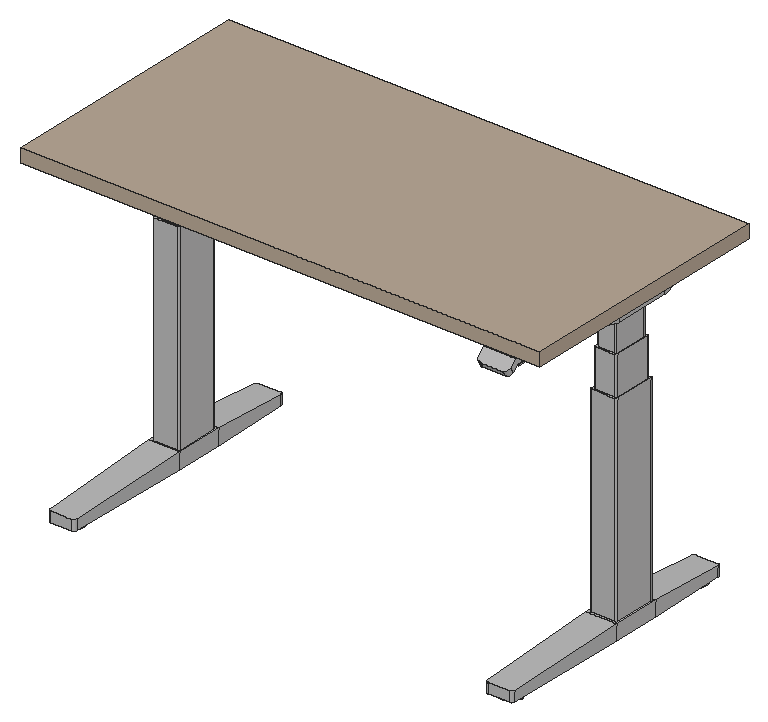
Revit family "Table-Teknion-JNHTRF-Navigate_Height_Adjustable_Rectangular-2018", category Furniture, Revit 2018
Family settings
  OmniClass Number = 23.40.20.00
  OmniClass Title = General Furniture and Specialties
  Work Plane-Based = No
  Always vertical = Yes
  Cut with Voids When Loaded = No
  Shared = Yes
  Room Calculation Point = No
Parameters (values of type "C-Legs, User Optimized Width Configuration")
  Right Recessed Base [instance] = no
  Right Leg Offset [instance] = if(U, 2.242", if(Centered Base, 5.242", if(Right Recessed Base, 2.250", 8.250")))  # 2.242"
  Left Leg Offset [instance] = if(U, 2.242", if(Centered Base, 5.242", if(Left Recessed Base, 2.250", 8.250")))  # 2.242"
  Left Recessed Base [instance] = no
  Dia Cutout Offset [instance] = if(CC, 14.358", 3.358")  # 14.358"
  DR Cut [instance] = if(Right Diamond Cutout, 3.000", if(Right Diamond & Square Cutout, if(Actual Width = 49.000", 3.000", 1.000"), 1.000"))  # 1.000"
  Right Diamond Cutout [instance] = no
  DL Cut [instance] = if(Left Diamond Cutout, 3.000", if(Left Diamond & Square Cutout, if(Actual Width = 49.000", 3.000", 1.000"), 1.000"))  # 1.000"
  Left Diamond Cutout [instance] = no
  Right Square Cutout [instance] = no
  Sq Cutout Offset [instance] = if(CC, if(Actual Width = 46.000", 14.053", 15.553"), 4.553")  # 14.053"
  SR Cut [instance] = if(Right Square Cutout, 3.000", if(Right Diamond & Square Cutout, if(Actual Width = 49.000", 1.000", 3.000"), 1.000"))  # 1.000"
  Left Square Cutout [instance] = no
  Worksurface Finish [instance] = Veneer - Teknion - 5N - Flintwood - White Oak
  Worksurface Cutout Syle Note [instance] = "Select one of the Worksurface Cutout options below"  # constant formula
  U = yes
  SL Cut [instance] = if(Left Square Cutout, 3.000", if(Left Diamond & Square Cutout, if(Actual Width = 49.000", 1.000", 3.000"), 1.000"))  # 1.000"
  SC Cut [instance] = if(Center Square Cutout, 3.000", if(or(Left Diamond & Square Cutout, Right Diamond & Square Cutout), if(Actual Width = 49.000", 3.000", 1.000"), 1.000"))  # 1.000"
  DC Cut [instance] = if(Center Diamond Cutout, 3.000", if(or(Left Diamond & Square Cutout, Right Diamond & Square Cutout), if(Actual Width = 49.000", 1.000", 3.000"), 1.000"))  # 1.000"
  Centered Base [instance] = yes
  Center Diamond Cutout [instance] = no
  Center Square Cutout [instance] = no
  S = no
  Width [instance] = 46.000"
  Warranty = "http://www.teknion.com/ca/papers/legal-canada"
  Unit Weight URL = "http://www.teknion.com/ca/tools/assets#&asset=bee6a381-b954-425e-8283-5a2de3a804f2,f828d448-4b62-4231-9e5f-9a8991c0ed77"
  URL = "www.teknion.com"
  To render, please download texture images found here [instance] = "https://assets.teknion.com/web/5e81352c1dfdb467/revit-material-swatches/"
  TT = no
  Switch Finish [instance] = Paint - Teknion - Mica - Platinum
  Sustainability Data = "https://www.teknion.com/ca/tools/assets#&topic=216f99a5-57a0-44fc-b10a-9dee9b29ae4c&asset=444deb64-fe58-4b68-981e-f75e97781df7,b4ff2d81-9f2e-437d-9659-7cffb09c31cf"
  Standard Corner Detail [instance] = not(Curved Corner Detail)  # yes
  Series = "Expansion Cityline"  # constant formula
  Right e-Chain Vertical Cable Manager Visibility [instance] = no
  Pwr Offset Cutout [instance] = if(F Int Pwr, 3.000", 1.000")  # 1.000"
  Powerbar Notes [instance] = "Select one Powerbar option. Unselecting all options will be show no Powerbar."  # constant formula
  Power Accessory Finish [instance] = Plastic - Teknion - 8C - Very White
  No Powerbar [instance] = not(or(External Powerbar, Frame Integrated Powerbar, Frame Integrated Powerbar with IEC Outlet))  # yes
  Leg Cover Finish [instance] = Paint - Teknion - Mica - Platinum
  Left e-Chain Vertical Cable Manager Visibility [instance] = no
  Integrated Power Offset [instance] = if(Actual Width = 46.000", 11.630", if(Actual Width = 49.000", 14.630", if(Actual Width = 52.000", 17.630", if(Actual Width = 55.000", 18.130", if(Actual Width = 58.000", 21.130", if(Actual Width = 61.000", 22.630", if(Actual Width = 64.000", 24.130", if(Actual Width = 67.000", 25.630", if(Actual Width = 70.000", 27.130", if(Actual Width = 73.000", 28.630", if(Actual Width = 76.000", 30.130", if(Actual Width = 79.000", 31.630", 33.130"))))))))))))  # 11.630"
  Frame Offset = if(TT, 15.011", 10.000")  # 10.000"
  Frame Integrated Powerbar with IEC Outlet [instance] = no
  Frame Integrated Powerbar [instance] = no
  F Int Pwr [instance] = or(Frame Integrated Powerbar, Frame Integrated Powerbar with IEC Outlet)  # no
  External Powerbar [instance] = no
  E-Chain Note [instance] = "Select one or none of the Echain options below"  # constant formula
  Corner Detail Note [instance] = "Select one of the Corner options below"  # constant formula
  Right Diamond & Square Cutout [instance] = no
  Left Diamond & Square Cutout [instance] = no
  Base Offset Note [instance] = "Left Recessed Base and Right Recessed Base unavailable with User Optimized Width Configuration. Select one option below"  # constant formula
  Additional Power Bar Notes [instance] = if(S, "Some width restrictions may apply depending on Powerbar selection.", "External Powerbar unavailable with User Optimized Width")  # "External Powerbar unavailable with User Optimized Width"
  E-chain Finish [instance] = Plastic - Teknion - 8C - Very White
  Depth = if(TT, 29.000", 23.000")  # 23.000"
  Curved Corner Detail [instance] = no
  Product Page URL = "https://www.teknion.com/ca/products/product-details?productlineid=9ad2a26e-8e7a-673b-a6c8-ff05004460c4"
  Product Line = "Expansion Cityline"  # constant formula
  Product Documentation Link 2 = "https://www.teknion.com/pricing/expansion-cityline/pdfs/JNHWRF_ppg.pdf"
  Product Documentation Link = "https://www.teknion.com/pricing/expansion-cityline/pdfs/JNHTRF_ppg.pdf"
  Part Number = "JNHTRF"  # constant formula
  Model = "JNHTRFNCC_29_U"
  Manufacturer Phone = "416-661-3370"  # constant formula
  Manufacturer Fax = "416.661.4586"  # constant formula
  Manufacturer Contact Information = "http://www.teknion.com/ca/contactus"
  Manufacturer Address = "1150 Flint Road, Toronto, ON. M3J 2J5. Canada"  # constant formula
  Manufacturer = "Teknion"  # constant formula
  How To Use Teknion Materials User Guide [instance] = "https://assets.teknion.com/m/205dd0a49fa58060/original/How-to-add-a-Material-Library-and-Texture-Images-to-your-Revit-project.pdf"
  Height [instance] = 29.000"
  For Additional Finishes, please visit [instance] = "https://assets.teknion.com/m/44a8009b046e5d47/original/Teknion_Materials_Library.zip"
  Extended Electric- Extended [instance] = not([Extended Electric - Cityline Restricted])  # yes
  Description = "Navigate Height-Adjustable Base - Rectangular, Navigate Leg Style, C-Legs Application, 29 Depth, User Optimzed Width Configuration"
  Extended Electric - Cityline Restricted [instance] = no
  CC = yes
  Base Mechanism Note [instance] = "Select one of the Base Mechanism options below"  # constant formula
  Base Finish [instance] = Paint - Teknion - Mica - Platinum
  Available Widths [instance] = if(S, if(External Powerbar, if(Center Diamond Cutout, "46 Inches", if(and(or(Left Diamond Cutout, Right Diamond Cutout), Depth = 23.000"), "49 Inches", "46, and 49 Inches")), if(or(Frame Integrated Powerbar, Frame Integrated Powerbar with IEC Outlet), "52, 55, 58, 61, 64, 67, 70, 73, 76, 79, and 82 Inches", if(Center Diamond Cutout, "46, 52, 55, 58, 61, 64, 67, 70, 73, 76, 79, and 82 Inches", if(and(or(Left Diamond Cutout, Right Diamond Cutout), Depth = 23.000"), "49, 52, 55, 58, 61, 64, 67, 70, 73, 76, 79, and 82 Inches", "46, 49, 52, 55, 58, 61, 64, 67, 70, 73, 76, 79, and 82 Inches")))), if(Center Diamond Cutout, "46, 52, 55, 58, 61, 64, 67, 70, 73, 76, 79, and 82 Inches", if(and(or(Left Diamond Cutout, Right Diamond Cutout), Depth = 23.000"), "49, 52, 55, 58, 61, 64, 67, 70, 73, 76, 79, and 82 Inches", "46, 49, 52, 55, 58, 61, 64, 67, 70, 73, 76, 79, and 82 Inches")))  # "46, 49, 52, 55, 58, 61, 64, 67, 70, 73, 76, 79, and 82 Inches"
  Availabile Height [instance] = if([Extended Electric - Cityline Restricted], "27.5 to 48.7 Inches", "22.6 - 48.7 Inches")  # "22.6 - 48.7 Inches"
  Assembly Code = "E2020200"
  Actual Width [instance] = if(or(Width < 46.000", Width = 46.000"), 46.000", if(or(Width > 82.000", Width = 82.000"), 82.000", if(or(Width = 46.000", Width = 49.000", Width = 52.000", Width = 55.000", Width = 58.000", Width = 61.000", Width = 64.000", Width = 67.000", Width = 70.000", Width = 73.000", Width = 76.000", Width = 79.000", Width = 82.000"), Width, 64.000")))  # 46.000"
  Actual Right Square [instance] = or(Right Square Cutout, and(Right Diamond & Square Cutout, not(Actual Width = 49.000")))  # no
  Actual Right Diamond [instance] = or(Right Diamond Cutout, and(Left Diamond & Square Cutout, Actual Width = 49.000"))  # no
  Actual Left Square [instance] = or(Left Square Cutout, and(Left Diamond & Square Cutout, not(Actual Width = 49.000")))  # no
  Actual Left Diamond [instance] = or(Left Diamond Cutout, and(Left Diamond & Square Cutout, Actual Width = 49.000"))  # no
  Actual Height [instance] = if([Extended Electric - Cityline Restricted], if(or(Height < 27.500", Height = 27.500"), 24.500", if(or(Height > 48.700", Height = 48.700"), 48.700", Height)), if(or(Height < 22.600", Height = 22.600"), 22.600", if(or(Height > 48.700", Height = 48.700"), 48.700", Height)))  # 29.000"
  Actual Center Square [instance] = or(Center Square Cutout, and(or(Left Diamond & Square Cutout, Right Diamond & Square Cutout), Actual Width = 49.000"))  # no
  Actual Center Dimond [instance] = or(Center Diamond Cutout, and(or(Left Diamond & Square Cutout, Right Diamond & Square Cutout), not(Actual Width = 49.000")))  # no
Reference planes (in)
  plane 1 "Center Front/Back": y = 10.011
  plane 2: z = 0
  plane 3 "Center Left/Right": x = 0
  plane 4 "Left": x = -23
  plane 5 "Right": x = 23
  plane 6 "Back": y = 20.011
  plane 7 "Front": y = -2.989
  plane 8 "Top": z = 29
  plane 9 "Left Edge of Modesty Panel": x = -20.758
  plane 10 "Right Edge of Modesty Panel": x = 20.758
  plane 11 "Bottom of Worksurface": z = 27.81102
  plane 12: z = 0.22835
  plane 13: z = 0.27559
  plane 14: z = 1.65354
  plane 15: z = 19.30906
  plane 16: z = 22.65453
  plane 17: z = 26
  plane 18: z = 11.32726
  plane 19: x = 9.128
  plane 20: x = 8.947
  plane 21: x = -8.947
  plane 22: x = -8.642
  plane 23: x = 8.642
Forms (in)
  Sweep 1, solid, material "Veneer - Teknion - 5N - Flintwood - White Oak" <- "Worksurface Finish", visible <- "Standard Corner Detail"
    path origin (0, 10.011, 0) x (1, 0, 0) y (0, 0, 1)
      loop
        line (0, 27.81102) -> (0, 29)
    profile origin (0, 10.011, 28.40551) x (-1, 0, 0) y (0, -1, 0)
      loop
        line (23, -10) -> (23, 13) -> (-23, 13) -> (-23, -10) -> (23, -10)
  Sweep 2, solid, material "Veneer - Teknion - 5N - Flintwood - White Oak" <- "Worksurface Finish", visible <- "Curved Corner Detail"
    path origin (0, 10.011, 0) x (1, 0, 0) y (0, 0, 1)
      loop
        line (0, 27.81102) -> (0, 29)
    profile origin (0, 10.011, 28.40551) x (-1, 0, 0) y (0, -1, 0)
      loop
        arc (21, -10) -> (22.41421, -9.41421) -> (23, -8) r 2
        line (23, -8) -> (23, 11)
        arc (23, 11) -> (22.41421, 12.41421) -> (21, 13) r 2
        line (21, 13) -> (-21, 13)
        arc (-21, 13) -> (-22.41421, 12.41421) -> (-23, 11) r 2
        line (-23, 11) -> (-23, -8)
        arc (-23, -8) -> (-22.41421, -9.41421) -> (-21, -10) r 2
        line (-21, -10) -> (21, -10)
  Sweep 3, solid, material "Paint - Teknion - Mica - Platinum" <- "Base Finish"
    path origin (0, 10.011, 0) x (1, 0, 0) y (0, 0, 1)
      loop
        line (0, 0) -> (0, 0.22835)
    profile origin (0, 10.011, 0.11417) x (-1, 0, 0) y (0, -1, 0)
      loop
        circle (19.35524, -8.66073) r 0.984
      loop
        circle (19.35524, 11.66084) r 0.984
      loop
        circle (-19.35524, -8.66073) r 0.984
      loop
        circle (-19.35524, 11.66084) r 0.984
  Sweep 4, solid, material "Paint - Teknion - Mica - Platinum" <- "Base Finish"
    path origin (0, 10.011, 0) x (1, 0, 0) y (0, 0, 1)
      loop
        line (0, 0.27559) -> (0, 1.65354)
    profile origin (0, 10.011, 0.96457) x (-1, 0, 0) y (0, -1, 0)
      loop
        line (17.97598, -2.66536) -> (18.16505, -9.72931)
        arc (18.16505, -9.72931) -> (18.24709, -9.92097) -> (18.44002, -10) r 0.275
        line (18.44002, -10) -> (20.26077, -10)
        arc (20.26077, -10) -> (20.4537, -9.92097) -> (20.53574, -9.72931) r 0.275
        line (20.53574, -9.72931) -> (20.7248, -2.66536) -> (20.7248, 1.66535) -> (20.53574, 12.72931)
        arc (20.53574, 12.72931) -> (20.4537, 12.92097) -> (20.26077, 13) r 0.275
        line (20.26077, 13) -> (18.44002, 13)
        arc (18.44002, 13) -> (18.24709, 12.92097) -> (18.16505, 12.72931) r 0.275
        line (18.16505, 12.72931) -> (17.97598, 1.66535) -> (17.97598, -2.66536)
      loop
        line (-17.97598, -2.66536) -> (-17.97598, 1.66535) -> (-18.16505, 12.72931)
        arc (-18.16505, 12.72931) -> (-18.24709, 12.92097) -> (-18.44002, 13) r 0.275
        line (-18.44002, 13) -> (-20.26077, 13)
        arc (-20.26077, 13) -> (-20.4537, 12.92097) -> (-20.53574, 12.72931) r 0.275
        line (-20.53574, 12.72931) -> (-20.7248, 1.66535) -> (-20.7248, -2.66536) -> (-20.53574, -9.72931)
        arc (-20.53574, -9.72931) -> (-20.4537, -9.92097) -> (-20.26077, -10) r 0.275
        line (-20.26077, -10) -> (-18.44002, -10)
        arc (-18.44002, -10) -> (-18.24709, -9.92097) -> (-18.16505, -9.72931) r 0.275
        line (-18.16505, -9.72931) -> (-17.97598, -2.66536)
  Sweep 5, void
    path origin (0, 0, 0) x (1, 0, 0) y (0, 1, 0)
      loop
        line (-23, 10.011) -> (23, 10.011)
    profile origin (0, 10.011, 0) x (0, 1, 0) y (0, 0, 1)
      loop
        line (10, 1.14686) -> (10, 3) -> (-13, 3) -> (-13, 1.14892) -> (-1.66535, 1.65354) -> (2.66535, 1.65354) -> (10, 1.14686)
  Sweep 6, solid, material "Paint - Teknion - Mica - Platinum" <- "Base Finish"
    path origin (0, 10.011, 0) x (1, 0, 0) y (0, 0, 1)
      loop
        line (0, 1.65354) -> (0, 19.30906)
    profile origin (0, 10.011, 10.4813) x (-1, 0, 0) y (0, -1, 0)
      loop
        arc (20.5315, 1.31297) -> (20.48916, 1.41517) -> (20.38697, 1.4575) r 0.14453
        line (20.38697, 1.4575) -> (18.31382, 1.4575)
        arc (18.31382, 1.4575) -> (18.21162, 1.41517) -> (18.16929, 1.31297) r 0.14453
        line (18.16929, 1.31297) -> (18.16929, -2.33498)
        arc (18.16929, -2.33498) -> (18.21162, -2.43718) -> (18.31382, -2.47951) r 0.14453
        line (18.31382, -2.47951) -> (20.38697, -2.47951)
        arc (20.38697, -2.47951) -> (20.48916, -2.43718) -> (20.5315, -2.33498) r 0.14453
        line (20.5315, -2.33498) -> (20.5315, 1.31297)
      loop
        line (-20.5315, 1.31297) -> (-20.5315, -2.33498)
        arc (-20.5315, -2.33498) -> (-20.48916, -2.43718) -> (-20.38697, -2.47951) r 0.14453
        line (-20.38697, -2.47951) -> (-18.31382, -2.47951)
        arc (-18.31382, -2.47951) -> (-18.21162, -2.43718) -> (-18.16929, -2.33498) r 0.14453
        line (-18.16929, -2.33498) -> (-18.16929, 1.31297)
        arc (-18.16929, 1.31297) -> (-18.21162, 1.41517) -> (-18.31382, 1.4575) r 0.14453
        line (-18.31382, 1.4575) -> (-20.38697, 1.4575)
        arc (-20.38697, 1.4575) -> (-20.48916, 1.41517) -> (-20.5315, 1.31297) r 0.14453
  Sweep 7, solid, material "Paint - Teknion - Mica - Platinum" <- "Base Finish"
    path origin (0, 10.011, 0) x (1, 0, 0) y (0, 0, 1)
      loop
        line (0, 18.30955) -> (0, 22.65453)
    profile origin (0, 10.011, 20.48204) x (-1, 0, 0) y (0, -1, 0)
      loop
        arc (20.21745, -2.28872) -> (20.30097, -2.25413) -> (20.33556, -2.17061) r 0.11811
        line (20.33556, -2.17061) -> (20.33556, 1.14837)
        arc (20.33556, 1.14837) -> (20.30097, 1.23188) -> (20.21745, 1.26648) r 0.11811
        line (20.21745, 1.26648) -> (18.49304, 1.26648)
        arc (18.49304, 1.26648) -> (18.40952, 1.23188) -> (18.37493, 1.14837) r 0.11811
        line (18.37493, 1.14837) -> (18.37493, -2.17061)
        arc (18.37493, -2.17061) -> (18.40952, -2.25413) -> (18.49304, -2.28872) r 0.11811
        line (18.49304, -2.28872) -> (20.21745, -2.28872)
      loop
        line (-20.21745, -2.28872) -> (-18.49304, -2.28872)
        arc (-18.49304, -2.28872) -> (-18.40952, -2.25413) -> (-18.37493, -2.17061) r 0.11811
        line (-18.37493, -2.17061) -> (-18.37493, 1.14837)
        arc (-18.37493, 1.14837) -> (-18.40952, 1.23188) -> (-18.49304, 1.26648) r 0.11811
        line (-18.49304, 1.26648) -> (-20.21745, 1.26648)
        arc (-20.21745, 1.26648) -> (-20.30097, 1.23188) -> (-20.33556, 1.14837) r 0.11811
        line (-20.33556, 1.14837) -> (-20.33556, -2.17061)
        arc (-20.33556, -2.17061) -> (-20.30097, -2.25413) -> (-20.21745, -2.28872) r 0.11811
  Sweep 8, solid, material "Paint - Teknion - Mica - Platinum" <- "Base Finish"
    path origin (0, 10.011, 0) x (1, 0, 0) y (0, 0, 1)
      loop
        line (0, 21.65311) -> (0, 26)
    profile origin (0, 10.011, 23.82655) x (-1, 0, 0) y (0, -1, 0)
      loop
        line (18.65712, -2.1151) -> (20.05337, -2.1151)
        arc (20.05337, -2.1151) -> (20.13687, -2.08049) -> (20.17143, -1.99697) r 0.11807
        line (20.17143, -1.99697) -> (20.17143, 0.97472)
        arc (20.17143, 0.97472) -> (20.13687, 1.05825) -> (20.05337, 1.09285) r 0.11807
        line (20.05337, 1.09285) -> (18.65712, 1.09285)
        arc (18.65712, 1.09285) -> (18.57361, 1.05825) -> (18.53906, 0.97472) r 0.11807
        line (18.53906, 0.97472) -> (18.53906, -1.99697)
        arc (18.53906, -1.99697) -> (18.57361, -2.08049) -> (18.65712, -2.1151) r 0.11807
      loop
        arc (-18.65712, -2.1151) -> (-18.57361, -2.08049) -> (-18.53906, -1.99697) r 0.11807
        line (-18.53906, -1.99697) -> (-18.53906, 0.97472)
        arc (-18.53906, 0.97472) -> (-18.57361, 1.05825) -> (-18.65712, 1.09285) r 0.11807
        line (-18.65712, 1.09285) -> (-20.05337, 1.09285)
        arc (-20.05337, 1.09285) -> (-20.13687, 1.05825) -> (-20.17143, 0.97472) r 0.11807
        line (-20.17143, 0.97472) -> (-20.17143, -1.99697)
        arc (-20.17143, -1.99697) -> (-20.13687, -2.08049) -> (-20.05337, -2.1151) r 0.11807
        line (-20.05337, -2.1151) -> (-18.65712, -2.1151)
  Sweep 9, solid, material "Paint - Teknion - Mica - Platinum" <- "Base Finish"
    path origin (0, 0, 0) x (1, 0, 0) y (0, 1, 0)
      loop
        line (0, 8.35677) -> (0, 12.68748)
    profile origin (0, 10.52212, 0) x (-1, 0, 0) y (0, 0, 1)
      loop
        line (20.758, 27.81102) -> (13.48835, 27.81102) -> (13.48835, 26.66305) -> (14.15139, 26) -> (20.758, 26) -> (20.758, 27.81102)
      loop
        line (-20.758, 27.81102) -> (-20.758, 26) -> (-14.15139, 26) -> (-13.48835, 26.66305) -> (-13.48835, 27.81102) -> (-20.758, 27.81102)
  Sweep 10, solid, material "Paint - Teknion - Mica - Platinum" <- "Base Finish"
    path origin (0, 0, 0) x (1, 0, 0) y (0, 1, 0)
      loop
        line (-20.758, 10.011) -> (20.758, 10.011)
    profile origin (0, 10.011, 0) x (0, 1, 0) y (0, 0, 1)
      loop
        line (2.8047, 26.10472) -> (2.8047, 27.81102) -> (2.7001, 27.81102) -> (2.7001, 26) -> (-1.67785, 26) -> (-1.67785, 27.81102) -> (-1.78245, 27.81102) -> (-1.78245, 26.10472)
        arc (-1.78245, 26.10472) -> (-1.72114, 25.95671) -> (-1.57313, 25.8954) r 0.20932
        line (-1.57313, 25.8954) -> (2.59538, 25.8954)
        arc (2.59538, 25.8954) -> (2.74339, 25.95671) -> (2.8047, 26.10472) r 0.20932
  Sweep 11, solid, material "Paint - Teknion - Mica - Platinum" <- "Base Finish"
    path origin (0, 0, 0) x (1, 0, 0) y (0, 1, 0)
      loop
        line (-22.258, 10.011) -> (-16.258, 10.011)
    profile origin (-19.258, 10.011, 0) x (0, 1, 0) y (0, 0, 1)
      loop
        line (3.10304, 25.88189) -> (9.07617, 27.2433) -> (9.07617, 27.81102) -> (-8.05383, 27.81102) -> (-8.05383, 27.24342) -> (-2.08017, 25.88189) -> (3.10304, 25.88189)
  Sweep 12, void
    path origin (0, 10.011, 0) x (1, 0, 0) y (0, 0, 1)
      loop
        line (0, 23) -> (0, 29)
    profile origin (0, 10.011, 26) x (-1, 0, 0) y (0, -1, 0)
      loop
        line (18.67625, -8.97601) -> (20.18279, -8.97601)
        arc (20.18279, -8.97601) -> (20.49991, -8.85375) -> (20.65291, -8.55027) r 0.47244
        line (20.65291, -8.55027) -> (21.20117, -3.03112) -> (21.20117, 2.00825) -> (20.65291, 7.52739)
        arc (20.65291, 7.52739) -> (20.49991, 7.83088) -> (20.18279, 7.95313) r 0.47244
        line (20.18279, 7.95313) -> (18.67625, 7.95313)
        arc (18.67625, 7.95313) -> (18.35913, 7.83088) -> (18.20612, 7.52739) r 0.47244
        line (18.20612, 7.52739) -> (17.65786, 2.00825) -> (17.65786, 1.80157) -> (20.72873, 1.80157) -> (20.72873, -2.82445) -> (17.65786, -2.82445) -> (17.65786, -3.03112) -> (18.20612, -8.55027)
        arc (18.20612, -8.55027) -> (18.35913, -8.85375) -> (18.67625, -8.97601) r 0.47244
      loop
        line (22.758, -9.47601) -> (22.758, 8.45313) -> (15.758, 8.45313) -> (15.758, -9.47601) -> (22.758, -9.47601)
      loop
        arc (-18.67625, -8.97601) -> (-18.35913, -8.85375) -> (-18.20612, -8.55027) r 0.47244
        line (-18.20612, -8.55027) -> (-17.65786, -3.03112) -> (-17.65786, -2.82445) -> (-20.72873, -2.82445) -> (-20.72873, 1.80157) -> (-17.65786, 1.80157) -> (-17.65786, 2.00825) -> (-18.20612, 7.52739)
        arc (-18.20612, 7.52739) -> (-18.35913, 7.83088) -> (-18.67625, 7.95313) r 0.47244
        line (-18.67625, 7.95313) -> (-20.18279, 7.95313)
        arc (-20.18279, 7.95313) -> (-20.49991, 7.83088) -> (-20.65291, 7.52739) r 0.47244
        line (-20.65291, 7.52739) -> (-21.20117, 2.00825) -> (-21.20117, -3.03112) -> (-20.65291, -8.55027)
        arc (-20.65291, -8.55027) -> (-20.49991, -8.85375) -> (-20.18279, -8.97601) r 0.47244
        line (-20.18279, -8.97601) -> (-18.67625, -8.97601)
      loop
        line (-22.758, -9.47601) -> (-15.758, -9.47601) -> (-15.758, 8.45313) -> (-22.758, 8.45313) -> (-22.758, -9.47601)
  Sweep 13, solid, material "Paint - Teknion - Mica - Platinum" <- "Base Finish"
    path origin (0, 0, 0) x (1, 0, 0) y (0, 1, 0)
      loop
        line (16.258, 10.011) -> (22.258, 10.011)
    profile origin (19.258, 10.011, 0) x (0, 1, 0) y (0, 0, 1)
      loop
        line (3.10304, 25.88189) -> (9.07617, 27.2433) -> (9.07617, 27.81102) -> (-8.05383, 27.81102) -> (-8.05383, 27.24342) -> (-2.08017, 25.88189) -> (3.10304, 25.88189)
  Sweep 14, solid, material "Paint - Teknion - Mica - Platinum" <- "Leg Cover Finish", visible <- "Left e-Chain Vertical Cable Manager Visibility"
    path origin (0, 10.011, 0) x (1, 0, 0) y (0, 0, 1)
      loop
        line (0, 1.65354) -> (0, 17.87402)
    profile origin (0, 10.011, 9.76378) x (-1, 0, 0) y (0, -1, 0)
      loop
        line (20.57874, -2.52793) -> (20.57874, -1.19329) -> (20.5315, -1.19329) -> (20.5315, -2.48069) -> (20.05315, -2.48069) -> (20.05315, -3.26927) -> (18.64764, -3.26927) -> (18.64764, -2.47951) -> (18.16929, -2.47951) -> (18.16929, -1.19329) -> (18.12205, -1.19329) -> (18.12205, -2.52793) -> (18.60039, -2.52793) -> (18.60039, -3.31652) -> (20.10039, -3.31652) -> (20.10039, -2.52793) -> (20.57874, -2.52793)
  Sweep 15, solid, material "Plastic - Teknion - 8C - Very White" <- "E-chain Finish", visible <- "Left e-Chain Vertical Cable Manager Visibility"
    path origin (0, 0, 0) x (1, 0, 0) y (0, 1, 0)
      loop
        line (-20.10039, 10.011) -> (-18.60039, 10.011)
    profile origin (-19.35039, 10.011, 0) x (0, 1, 0) y (0, 0, 1)
      loop
        line (3.774, 18.07087) -> (2.47951, 18.07087) -> (2.47951, 17.87402) -> (3.31652, 17.87402) -> (3.31652, 17.23228) -> (3.46766, 17.23228) -> (3.46766, 10.52002)
        arc (3.46766, 10.52002) -> (6.57706, 7.38346) -> (9.74053, 10.46547) r 3.13667
        line (9.74053, 10.46547) -> (9.74053, 27.06299) -> (10.01219, 27.41732) -> (10.01219, 27.81102) -> (8.97601, 27.81102) -> (8.97601, 10.52002)
        arc (8.97601, 10.52002) -> (6.60433, 8.14834) -> (4.23266, 10.52002) r 2.37167
        line (4.23266, 10.52002) -> (4.23266, 17.6122)
        arc (4.23266, 17.6122) -> (4.09832, 17.93653) -> (3.774, 18.07087) r 0.45866
  Sweep 16, solid, material "Paint - Teknion - Mica - Platinum" <- "Leg Cover Finish", visible <- "Right e-Chain Vertical Cable Manager Visibility"
    path origin (0, 10.011, 0) x (1, 0, 0) y (0, 0, 1)
      loop
        line (0, 1.65354) -> (0, 17.87402)
    profile origin (0, 10.011, 9.76378) x (-1, 0, 0) y (0, -1, 0)
      loop
        line (-20.05315, -2.48069) -> (-20.5315, -2.48069) -> (-20.5315, -1.19329) -> (-20.57874, -1.19329) -> (-20.57874, -2.52793) -> (-20.10039, -2.52793) -> (-20.10039, -3.31652) -> (-18.60039, -3.31652) -> (-18.60039, -2.52793) -> (-18.12205, -2.52793) -> (-18.12205, -1.19329) -> (-18.16929, -1.19329) -> (-18.16929, -2.47951) -> (-18.64764, -2.47951) -> (-18.64764, -3.26927) -> (-20.05315, -3.26927) -> (-20.05315, -2.48069)
  Sweep 17, solid, material "Plastic - Teknion - 8C - Very White" <- "E-chain Finish", visible <- "Right e-Chain Vertical Cable Manager Visibility"
    path origin (0, 0, 0) x (1, 0, 0) y (0, 1, 0)
      loop
        line (20.10039, 10.011) -> (18.60039, 10.011)
    profile origin (19.35039, 10.011, 0) x (0, -1, 0) y (0, 0, 1)
      loop
        line (-8.97601, 10.52002) -> (-8.97601, 27.81102) -> (-10.01219, 27.81102) -> (-10.01219, 27.41732) -> (-9.74053, 27.06299) -> (-9.74053, 10.46547)
        arc (-9.74053, 10.46547) -> (-6.57706, 7.38346) -> (-3.46766, 10.52002) r 3.13667
        line (-3.46766, 10.52002) -> (-3.46766, 17.23228) -> (-3.31652, 17.23228) -> (-3.31652, 17.87402) -> (-2.47951, 17.87402) -> (-2.47951, 18.07087) -> (-3.774, 18.07087)
        arc (-3.774, 18.07087) -> (-4.09832, 17.93653) -> (-4.23266, 17.6122) r 0.45866
        line (-4.23266, 17.6122) -> (-4.23266, 10.52002)
        arc (-4.23266, 10.52002) -> (-6.60433, 8.14834) -> (-8.97601, 10.52002) r 2.37167
  Sweep 18, void
    path origin (0, 0, 0) x (1, 0, 0) y (0, 1, 0)
      loop
        line (-20.758, 10.011) -> (20.758, 10.011)
    profile origin (0, 10.011, 0) x (0, 1, 0) y (0, 0, 1)
      loop
        line (2.99919, 1.65354) -> (2.99919, 2.37795)
        arc (2.99919, 2.37795) -> (2.91847, 2.57282) -> (2.7236, 2.65354) r 0.27559
        line (2.7236, 2.65354) -> (2.37045, 2.65354) -> (2.37045, 1.65354) -> (2.99919, 1.65354)
  Sweep 19, solid, material "Plastic - Teknion - 8C - Very White" <- "Power Accessory Finish", visible <- "External Powerbar"
    path origin (0, 0, 0) x (1, 0, 0) y (0, 1, 0)
      loop
        line (-5.9866, 10.011) -> (5.98584, 10.011)
    profile origin (-0.00038, 10.011, 0) x (0, 1, 0) y (0, 0, 1)
      loop
        line (4.0075, 27.75197) -> (4.0075, 26.18504) -> (4.06656, 26.18504) -> (4.06656, 27.81102) -> (2.8047, 27.81102) -> (2.8047, 27.75197) -> (4.0075, 27.75197)
  Sweep 20, solid, material "Plastic - Teknion - 8C - Very White" <- "Power Accessory Finish", visible <- "External Powerbar"
    path origin (0, 0, 0) x (1, 0, 0) y (0, 1, 0)
      loop
        line (-4.87046, 10.011) -> (4.86969, 10.011)
    profile origin (-0.00038, 10.011, 0) x (0, 1, 0) y (0, 0, 1)
      loop
        arc (2.94451, 27.66339) -> (2.88883, 27.64032) -> (2.86577, 27.58465) r 0.07874
        line (2.86577, 27.58465) -> (2.86577, 26.26575)
        arc (2.86577, 26.26575) -> (2.88883, 26.21007) -> (2.94451, 26.18701) r 0.07874
        line (2.94451, 26.18701) -> (3.92876, 26.18701)
        arc (3.92876, 26.18701) -> (3.98444, 26.21007) -> (4.0075, 26.26575) r 0.07874
        line (4.0075, 26.26575) -> (4.0075, 27.58465)
        arc (4.0075, 27.58465) -> (3.98444, 27.64032) -> (3.92876, 27.66339) r 0.07874
        line (3.92876, 27.66339) -> (2.94451, 27.66339)
  Sweep 21, solid, material "Plastic - Teknion - 8C - Very White" <- "Power Accessory Finish", visible <- "External Powerbar"
    path origin (0, 0, 0) x (1, 0, 0) y (0, 1, 0)
      loop
        line (0, 14.07756) -> (0, 14.20748)
    profile origin (0, 14.14252, 0) x (-1, 0, 0) y (0, 0, 1)
      loop
        line (1.23208, 27.4502) -> (0.18208, 27.4502) -> (0.18208, 26.4002) -> (1.23208, 26.4002) -> (1.23208, 27.4502)
      loop
        line (-0.02777, 27.4502) -> (-1.07777, 27.4502) -> (-1.07777, 26.4002) -> (-0.02777, 26.4002) -> (-0.02777, 27.4502)
      loop
        line (-1.28761, 27.4502) -> (-2.33761, 27.4502) -> (-2.33761, 26.4002) -> (-1.28761, 26.4002) -> (-1.28761, 27.4502)
      loop
        line (-2.54745, 27.4502) -> (-3.59745, 27.4502) -> (-3.59745, 26.4002) -> (-2.54745, 26.4002) -> (-2.54745, 27.4502)
  Sweep 22, solid, material "Plastic - Teknion - 8C - Very White" <- "Power Accessory Finish", visible <- "F Int Pwr"
    path origin (0, 0, 0) x (1, 0, 0) y (0, 1, 0)
      loop
        line (9.128, 10.011) -> (-0.244, 10.011)
    profile origin (4.442, 10.011, 0) x (0, -1, 0) y (0, 0, 1)
      loop
        line (0.25266, 27.74016) -> (-2.7001, 27.74016) -> (-2.7001, 26.24409) -> (0.25266, 26.24409) -> (0.25266, 27.74016)
  Sweep 23, void
    path origin (0, 0, 0) x (1, 0, 0) y (0, 1, 0)
      loop
        line (0, 14.01101) -> (0, 13.01101)
    profile origin (0, 13.51101, 0) x (1, 0, 0) y (0, 0, 1)
      loop
        line (0.24926, 27.55512) -> (0.24926, 26.45276) -> (1.68784, 26.45276) -> (1.68784, 27.55512) -> (0.24926, 27.55512)
      loop
        line (3.26265, 27.55512) -> (2.16028, 27.55512) -> (2.16028, 26.45276) -> (3.26265, 26.45276) -> (3.26265, 27.55512)
      loop
        line (3.73509, 27.55512) -> (3.73509, 26.45276) -> (4.83745, 26.45276) -> (4.83745, 27.55512) -> (3.73509, 27.55512)
      loop
        line (5.30989, 27.55512) -> (5.30989, 26.45276) -> (6.41225, 26.45276) -> (6.41225, 27.55512) -> (5.30989, 27.55512)
      loop
        line (7.3965, 27.43701) -> (7.3965, 26.57087) -> (8.26265, 26.57087) -> (8.26265, 27.43701) -> (7.3965, 27.43701)
  Sweep 24, solid, material "Plastic - Teknion - 8C - Very White" <- "Power Accessory Finish", visible <- "Frame Integrated Powerbar"
    path origin (0, 0, 0) x (1, 0, 0) y (0, 1, 0)
      loop
        line (0, 12.7111) -> (0, 12.90008)
    profile origin (0, 12.80559, 0) x (-1, 0, 0) y (0, 0, 1)
      loop
        line (-8.20457, 27.37894) -> (-8.20457, 26.62894) -> (-7.45457, 26.62894) -> (-7.45457, 27.37894) -> (-8.20457, 27.37894)
      loop
        line (-6.38607, 27.52894) -> (-6.38607, 26.47894) -> (-5.33607, 26.47894) -> (-5.33607, 27.52894) -> (-6.38607, 27.52894)
      loop
        line (-4.81127, 27.52894) -> (-4.81127, 26.47894) -> (-3.76127, 26.47894) -> (-3.76127, 27.52894) -> (-4.81127, 27.52894)
      loop
        line (-3.23646, 27.52894) -> (-3.23646, 26.47894) -> (-2.18646, 26.47894) -> (-2.18646, 27.52894) -> (-3.23646, 27.52894)
      loop
        line (-1.66166, 27.52894) -> (-1.66166, 26.47894) -> (-0.61166, 26.47894) -> (-0.61166, 27.52894) -> (-1.66166, 27.52894)
  Sweep 25, solid, material "Plastic - Teknion - 8C - Very White" <- "Power Accessory Finish", visible <- "Frame Integrated Powerbar with IEC Outlet"
    path origin (0, 0, 0) x (1, 0, 0) y (0, 1, 0)
      loop
        line (0, 12.7111) -> (0, 12.90008)
    profile origin (0, 12.80559, 0) x (-1, 0, 0) y (0, 0, 1)
      loop
        line (-1.66146, 27.54724) -> (-1.66146, 26.46063) -> (-0.27564, 26.46063) -> (-0.27564, 27.54724) -> (-1.66146, 27.54724)
      loop
        line (-1.27295, 27.42717) -> (-1.53351, 27.15067) -> (-1.53351, 26.58071) -> (-0.40359, 26.58071) -> (-0.40359, 27.15067) -> (-0.66415, 27.42717) -> (-1.27295, 27.42717)
      loop
        line (-1.42131, 26.69291) -> (-0.5158, 26.69291) -> (-0.5158, 27.10618) -> (-0.71254, 27.31496) -> (-1.22456, 27.31496) -> (-1.42131, 27.10618) -> (-1.42131, 26.69291)
      loop
        line (-3.23646, 27.52894) -> (-3.23646, 26.47894) -> (-2.18646, 26.47894) -> (-2.18646, 27.52894) -> (-3.23646, 27.52894)
      loop
        line (-4.81127, 27.52894) -> (-4.81127, 26.47894) -> (-3.76127, 26.47894) -> (-3.76127, 27.52894) -> (-4.81127, 27.52894)
      loop
        line (-6.38607, 27.52894) -> (-6.38607, 26.47894) -> (-5.33607, 26.47894) -> (-5.33607, 27.52894) -> (-6.38607, 27.52894)
      loop
        line (-8.20457, 27.37894) -> (-8.20457, 26.62894) -> (-7.45457, 26.62894) -> (-7.45457, 27.37894) -> (-8.20457, 27.37894)
  Sweep 26, void
    path origin (0, 10.011, 0) x (1, 0, 0) y (0, 0, 1)
      loop
        line (0, 26.56102) -> (0, 27.56102)
    profile origin (0, 10.011, 27.06102) x (-1, 0, 0) y (0, -1, 0)
      loop
        line (7.41339, -7.69528) -> (8.58661, -7.69528)
        arc (8.58661, -7.69528) -> (8.84162, -7.58965) -> (8.94724, -7.33465) r 0.36063
        line (8.94724, -7.33465) -> (8.94724, -6.16142)
        arc (8.94724, -6.16142) -> (8.84162, -5.90641) -> (8.58661, -5.80079) r 0.36063
        line (8.58661, -5.80079) -> (7.41339, -5.80079)
        arc (7.41339, -5.80079) -> (7.15838, -5.90641) -> (7.05276, -6.16142) r 0.36063
        line (7.05276, -6.16142) -> (7.05276, -7.33465)
        arc (7.05276, -7.33465) -> (7.15838, -7.58965) -> (7.41339, -7.69528) r 0.36063
  Sweep 27, void
    path origin (0, 10.011, 0) x (1, 0, 0) y (0, 0, 1)
      loop
        line (0, 27.56102) -> (0, 26.56102)
    profile origin (0, 10.011, 27.06102) x (0, -1, 0) y (1, 0, 0)
      loop
        arc (-7.69528, 7.41339) -> (-7.58965, 7.15838) -> (-7.33465, 7.05276) r 0.36063
        line (-7.33465, 7.05276) -> (-6.16142, 7.05276)
        arc (-6.16142, 7.05276) -> (-5.90641, 7.15838) -> (-5.80079, 7.41339) r 0.36063
        line (-5.80079, 7.41339) -> (-5.80079, 8.58661)
        arc (-5.80079, 8.58661) -> (-5.90641, 8.84162) -> (-6.16142, 8.94724) r 0.36063
        line (-6.16142, 8.94724) -> (-7.33465, 8.94724)
        arc (-7.33465, 8.94724) -> (-7.58965, 8.84162) -> (-7.69528, 8.58661) r 0.36063
        line (-7.69528, 8.58661) -> (-7.69528, 7.41339)
  Sweep 28, void
    path origin (0, 10.011, 0) x (1, 0, 0) y (0, 0, 1)
      loop
        line (0, 27.56102) -> (0, 26.56102)
    profile origin (0, 10.011, 27.06102) x (0, -1, 0) y (1, 0, 0)
      loop
        line (-7.33465, -0.94724) -> (-6.16142, -0.94724)
        arc (-6.16142, -0.94724) -> (-5.90641, -0.84162) -> (-5.80079, -0.58661) r 0.36063
        line (-5.80079, -0.58661) -> (-5.80079, 0.58661)
        arc (-5.80079, 0.58661) -> (-5.90641, 0.84162) -> (-6.16142, 0.94724) r 0.36063
        line (-6.16142, 0.94724) -> (-7.33465, 0.94724)
        arc (-7.33465, 0.94724) -> (-7.58965, 0.84162) -> (-7.69528, 0.58661) r 0.36063
        line (-7.69528, 0.58661) -> (-7.69528, -0.58661)
        arc (-7.69528, -0.58661) -> (-7.58965, -0.84162) -> (-7.33465, -0.94724) r 0.36063
  Sweep 29, solid, material "Plastic - Teknion - 8C - Very White", visible <- "Actual Left Square"
    path origin (0, 10.011, 0) x (1, 0, 0) y (0, 0, 1)
      loop
        line (0, 27.44488) -> (0, 29)
    profile origin (0, 10.011, 28.22244) x (-1, 0, 0) y (0, -1, 0)
      loop
        line (7.41339, -7.69528) -> (8.58661, -7.69528)
        arc (8.58661, -7.69528) -> (8.84162, -7.58965) -> (8.94724, -7.33465) r 0.36063
        line (8.94724, -7.33465) -> (8.94724, -6.16142)
        arc (8.94724, -6.16142) -> (8.84162, -5.90641) -> (8.58661, -5.80079) r 0.36063
        line (8.58661, -5.80079) -> (7.41339, -5.80079)
        arc (7.41339, -5.80079) -> (7.15838, -5.90641) -> (7.05276, -6.16142) r 0.36063
        line (7.05276, -6.16142) -> (7.05276, -7.33465)
        arc (7.05276, -7.33465) -> (7.15838, -7.58965) -> (7.41339, -7.69528) r 0.36063
      loop
        line (8.87624, -7.33465) -> (8.87624, -6.16142)
        arc (8.87624, -6.16142) -> (8.79141, -5.95662) -> (8.58661, -5.87179) r 0.28963
        line (8.58661, -5.87179) -> (7.41339, -5.87179)
        arc (7.41339, -5.87179) -> (7.20859, -5.95662) -> (7.12376, -6.16142) r 0.28963
        line (7.12376, -6.16142) -> (7.12376, -7.33465)
        arc (7.12376, -7.33465) -> (7.20859, -7.53944) -> (7.41339, -7.62428) r 0.28963
        line (7.41339, -7.62428) -> (8.58661, -7.62428)
        arc (8.58661, -7.62428) -> (8.79141, -7.53944) -> (8.87624, -7.33465) r 0.28963
  Sweep 30, solid, material "Plastic - Teknion - 8C - Very White", visible <- "Actual Center Square"
    path origin (0, 10.011, 0) x (1, 0, 0) y (0, 0, 1)
      loop
        line (0, 27.44488) -> (0, 29)
    profile origin (0, 10.011, 28.22244) x (-1, 0, 0) y (0, -1, 0)
      loop
        line (-0.58661, -7.69528) -> (0.58661, -7.69528)
        arc (0.58661, -7.69528) -> (0.84162, -7.58965) -> (0.94724, -7.33465) r 0.36063
        line (0.94724, -7.33465) -> (0.94724, -6.16142)
        arc (0.94724, -6.16142) -> (0.84162, -5.90641) -> (0.58661, -5.80079) r 0.36063
        line (0.58661, -5.80079) -> (-0.58661, -5.80079)
        arc (-0.58661, -5.80079) -> (-0.84162, -5.90641) -> (-0.94724, -6.16142) r 0.36063
        line (-0.94724, -6.16142) -> (-0.94724, -7.33465)
        arc (-0.94724, -7.33465) -> (-0.84162, -7.58965) -> (-0.58661, -7.69528) r 0.36063
      loop
        arc (0.58661, -7.62428) -> (0.79141, -7.53944) -> (0.87624, -7.33465) r 0.28963
        line (0.87624, -7.33465) -> (0.87624, -6.16142)
        arc (0.87624, -6.16142) -> (0.79141, -5.95662) -> (0.58661, -5.87179) r 0.28963
        line (0.58661, -5.87179) -> (-0.58661, -5.87179)
        arc (-0.58661, -5.87179) -> (-0.79141, -5.95662) -> (-0.87624, -6.16142) r 0.28963
        line (-0.87624, -6.16142) -> (-0.87624, -7.33465)
        arc (-0.87624, -7.33465) -> (-0.79141, -7.53944) -> (-0.58661, -7.62428) r 0.28963
        line (-0.58661, -7.62428) -> (0.58661, -7.62428)
  Sweep 31, solid, material "Plastic - Teknion - 8C - Very White", visible <- "Actual Right Square"
    path origin (0, 10.011, 0) x (1, 0, 0) y (0, 0, 1)
      loop
        line (0, 27.44488) -> (0, 29)
    profile origin (0, 10.011, 28.22244) x (-1, 0, 0) y (0, -1, 0)
      loop
        line (-8.58661, -7.69528) -> (-7.41339, -7.69528)
        arc (-7.41339, -7.69528) -> (-7.15838, -7.58965) -> (-7.05276, -7.33465) r 0.36063
        line (-7.05276, -7.33465) -> (-7.05276, -6.16142)
        arc (-7.05276, -6.16142) -> (-7.15838, -5.90641) -> (-7.41339, -5.80079) r 0.36063
        line (-7.41339, -5.80079) -> (-8.58661, -5.80079)
        arc (-8.58661, -5.80079) -> (-8.84162, -5.90641) -> (-8.94724, -6.16142) r 0.36063
        line (-8.94724, -6.16142) -> (-8.94724, -7.33465)
        arc (-8.94724, -7.33465) -> (-8.84162, -7.58965) -> (-8.58661, -7.69528) r 0.36063
      loop
        arc (-7.41339, -7.62428) -> (-7.20859, -7.53944) -> (-7.12376, -7.33465) r 0.28963
        line (-7.12376, -7.33465) -> (-7.12376, -6.16142)
        arc (-7.12376, -6.16142) -> (-7.20859, -5.95662) -> (-7.41339, -5.87179) r 0.28963
        line (-7.41339, -5.87179) -> (-8.58661, -5.87179)
        arc (-8.58661, -5.87179) -> (-8.79141, -5.95662) -> (-8.87624, -6.16142) r 0.28963
        line (-8.87624, -6.16142) -> (-8.87624, -7.33465)
        arc (-8.87624, -7.33465) -> (-8.79141, -7.53944) -> (-8.58661, -7.62428) r 0.28963
        line (-8.58661, -7.62428) -> (-7.41339, -7.62428)
  Sweep 32, void
    path origin (0, 10.011, 0) x (1, 0, 0) y (0, 0, 1)
      loop
        line (0, 26.56102) -> (0, 27.56102)
    profile origin (0, 10.011, 27.06102) x (-1, 0, 0) y (0, -1, 0)
      loop
        arc (6.79194, -5.72182) -> (6.5, -5.6811) -> (6.20806, -5.72182) r 1.06693
        line (6.20806, -5.72182) -> (4.3578, -6.24818)
        arc (4.3578, -6.24818) -> (3.98031, -6.74803) -> (4.3578, -7.24788) r 0.51969
        line (4.3578, -7.24788) -> (6.20806, -7.77424)
        arc (6.20806, -7.77424) -> (6.5, -7.81496) -> (6.79194, -7.77424) r 1.06693
        line (6.79194, -7.77424) -> (8.6422, -7.24788)
        arc (8.6422, -7.24788) -> (9.01969, -6.74803) -> (8.6422, -6.24818) r 0.51969
        line (8.6422, -6.24818) -> (6.79194, -5.72182)
  Sweep 33, void
    path origin (0, 10.011, 0) x (1, 0, 0) y (0, 0, 1)
      loop
        line (0, 26.56102) -> (0, 27.56102)
    profile origin (0, 10.011, 27.06102) x (-1, 0, 0) y (0, -1, 0)
      loop
        line (2.1422, -6.24818) -> (0.29194, -5.72182)
        arc (0.29194, -5.72182) -> (0, -5.6811) -> (-0.29194, -5.72182) r 1.06693
        line (-0.29194, -5.72182) -> (-2.1422, -6.24818)
        arc (-2.1422, -6.24818) -> (-2.51969, -6.74803) -> (-2.1422, -7.24788) r 0.51969
        line (-2.1422, -7.24788) -> (-0.29194, -7.77424)
        arc (-0.29194, -7.77424) -> (0, -7.81496) -> (0.29194, -7.77424) r 1.06693
        line (0.29194, -7.77424) -> (2.1422, -7.24788)
        arc (2.1422, -7.24788) -> (2.51969, -6.74803) -> (2.1422, -6.24818) r 0.51969
  Sweep 34, void
    path origin (0, 10.011, 0) x (1, 0, 0) y (0, 0, 1)
      loop
        line (0, 27.56102) -> (0, 26.56102)
    profile origin (0, 10.011, 27.06102) x (0, -1, 0) y (1, 0, 0)
      loop
        line (-7.24788, 8.6422) -> (-7.77424, 6.79194)
        arc (-7.77424, 6.79194) -> (-7.81496, 6.5) -> (-7.77424, 6.20806) r 1.06693
        line (-7.77424, 6.20806) -> (-7.24788, 4.3578)
        arc (-7.24788, 4.3578) -> (-6.74803, 3.98031) -> (-6.24818, 4.3578) r 0.51969
        line (-6.24818, 4.3578) -> (-5.72182, 6.20806)
        arc (-5.72182, 6.20806) -> (-5.6811, 6.5) -> (-5.72182, 6.79194) r 1.06693
        line (-5.72182, 6.79194) -> (-6.24818, 8.6422)
        arc (-6.24818, 8.6422) -> (-6.74803, 9.01969) -> (-7.24788, 8.6422) r 0.51969
  Sweep 35, solid, material "Paint - Teknion - Mica - Platinum" <- "Switch Finish"
    path origin (0, 0, 0) x (1, 0, 0) y (0, 1, 0)
      loop
        line (20.83629, 10.011) -> (18.0229, 10.011)
    profile origin (19.4296, 10.011, 0) x (0, -1, 0) y (0, 0, 1)
      loop
        line (13.96051, 26.85739) -> (12.97291, 27.67441) -> (10.73315, 27.67441) -> (10.73743, 27.17121) -> (12.79059, 27.17121) -> (13.63929, 26.4691) -> (13.96051, 26.85739)
      loop
        line (9.6823, 27.81102) -> (9.6823, 27.0937) -> (10.51695, 27.0937) -> (10.51695, 26.94488) -> (12.68232, 26.94488) -> (12.68232, 27.02362) -> (10.59569, 27.02362) -> (10.59569, 27.81102) -> (9.6823, 27.81102)
  SweptBlend 36, void
    path origin (0, 0, 0) x (0, 1, 0) y (0, 0, 1)
      loop
        line (10.011, 26.4691) -> (10.011, 27.2659)
    profile origin (0, 10.011, 26.4691) x (0, -1, 0) y (1, 0, 0)
      loop
        arc (13.63929, 18.44002) -> (13.51712, 18.14507) -> (13.22217, 18.0229) r 0.41711
        line (13.22217, 18.0229) -> (15.63929, 18.0229) -> (15.63929, 20.83629) -> (13.22217, 20.83629)
        arc (13.22217, 20.83629) -> (13.51712, 20.71412) -> (13.63929, 20.41918) r 0.41711
        line (13.63929, 20.41918) -> (13.63929, 18.44002)
    end profile origin (0, 10.011, 27.2659) x (0, -1, 0) y (1, 0, 0)
      loop
        arc (14.08551, 18.44002) -> (13.96334, 18.14507) -> (13.6684, 18.0229) r 0.41711
        line (13.6684, 18.0229) -> (15.639, 18.0229) -> (15.639, 20.83629) -> (13.6684, 20.83629)
        arc (13.6684, 20.83629) -> (13.96334, 20.71412) -> (14.08551, 20.41918) r 0.41711
        line (14.08551, 20.41918) -> (14.08551, 18.44002)
Cuts and joins
  Sweep 5 cuts Sweep 4
  Sweep 12 cuts Sweep 11
  Sweep 12 cuts Sweep 13
  Sweep 18 cuts Sweep 16
  Sweep 18 cuts Sweep 14
  Sweep 23 cuts Sweep 10
  Sweep 26, Sweep 27, Sweep 28, Sweep 32, Sweep 33, Sweep 34 cuts Sweep 2
  Sweep 26, Sweep 27, Sweep 28, Sweep 32, Sweep 33, Sweep 34 cuts Sweep 1
  SweptBlend 36 cuts Sweep 35
Lines and regions (in)
  Masking region 1, visible <- "Standard Corner Detail"
    outline origin (0, 0, 0) x (1, 0, 0) y (0, 1, 0)
      loop
        line (-23, 20.011) -> (-23, -2.989) -> (23, -2.989) -> (23, 20.011) -> (-23, 20.011)
  Masking region 2, visible <- "Curved Corner Detail"
    outline origin (0, 0, 0) x (1, 0, 0) y (0, 1, 0)
      loop
        line (-23, 18.011) -> (-23, -0.989)
        arc (-23, -0.989) -> (-22.41421, -2.40321) -> (-21, -2.989) r 2
        line (-21, -2.989) -> (21, -2.989)
        arc (21, -2.989) -> (22.41421, -2.40321) -> (23, -0.989) r 2
        line (23, -0.989) -> (23, 18.011)
        arc (23, 18.011) -> (22.41421, 19.42521) -> (21, 20.011) r 2
        line (21, 20.011) -> (-21, 20.011)
        arc (-21, 20.011) -> (-22.41421, 19.42521) -> (-23, 18.011) r 2
  Masking region 3
    outline origin (0, 0, 0) x (1, 0, 0) y (0, 1, 0)
      loop
        line (18.44002, -3.82601) -> (20.41918, -3.82601)
        spline (20.41918, -3.82601) -> (20.47156, -3.82357) -> (20.52318, -3.81648) -> (20.57321, -3.80439) -> (20.62084, -3.7875) -> (20.6653, -3.76608) -> (20.70586, -3.74048) -> (20.74188, -3.71112) -> (20.77275, -3.67847) -> (20.79799, -3.64305) -> (20.81719, -3.60546) -> (20.83002, -3.56629) -> (20.83629, -3.52617)
        line (20.83629, -3.52617) -> (20.83629, -2.989) -> (18.0229, -2.989) -> (18.0229, -3.52617)
        spline (18.0229, -3.52617) -> (18.02917, -3.56629) -> (18.04201, -3.60546) -> (18.0612, -3.64305) -> (18.08644, -3.67847) -> (18.11732, -3.71112) -> (18.15333, -3.74048) -> (18.19389, -3.76608) -> (18.23835, -3.7875) -> (18.28598, -3.80439) -> (18.33602, -3.81648) -> (18.38764, -3.82357) -> (18.44002, -3.82601)
  symbolic lines, style "FurnitureHiddenLines", detail levels medium+fine
    curve 1: line (-18.31382, 12.49051, 0) -> (-20.38697, 12.49051, 0)
    curve 2: arc (-20.38697, 12.49051, 0) -> (-20.48916, 12.44818, 0) -> (-20.5315, 12.34598, 0) r 0.14453
    curve 3: line (-20.5315, 12.34598, 0) -> (-20.5315, 8.69803, 0)
    curve 4: arc (-20.5315, 8.69803, 0) -> (-20.48916, 8.59583, 0) -> (-20.38697, 8.5535, 0) r 0.14453
    curve 5: line (-20.38697, 8.5535, 0) -> (-18.31382, 8.5535, 0)
    curve 6: arc (-18.31382, 8.5535, 0) -> (-18.21162, 8.59583, 0) -> (-18.16929, 8.69803, 0) r 0.14453
    curve 7: line (-18.16929, 8.69803, 0) -> (-18.16929, 12.34598, 0)
    curve 8: arc (-18.16929, 12.34598, 0) -> (-18.21162, 12.44818, 0) -> (-18.31382, 12.49051, 0) r 0.14453
    curve 9: line (20.38697, 12.49051, 0) -> (18.31382, 12.49051, 0)
    curve 10: arc (18.31382, 12.49051, 0) -> (18.21162, 12.44818, 0) -> (18.16929, 12.34598, 0) r 0.14453
    curve 11: line (18.16929, 12.34598, 0) -> (18.16929, 8.69803, 0)
    curve 12: arc (18.16929, 8.69803, 0) -> (18.21162, 8.59583, 0) -> (18.31382, 8.5535, 0) r 0.14453
    curve 13: line (18.31382, 8.5535, 0) -> (20.38697, 8.5535, 0)
    curve 14: arc (20.38697, 8.5535, 0) -> (20.48916, 8.59583, 0) -> (20.5315, 8.69803, 0) r 0.14453
    curve 15: line (20.5315, 8.69803, 0) -> (20.5315, 12.34598, 0)
    curve 16: arc (20.5315, 12.34598, 0) -> (20.48916, 12.44818, 0) -> (20.38697, 12.49051, 0) r 0.14453
    curve 17: line (20.758, 12.8157, 0) -> (-20.758, 12.8157, 0)
    curve 18: line (-20.758, 8.22855, 0) -> (-20.758, 12.8157, 0)
    curve 19: line (-20.758, 8.22855, 0) -> (20.758, 8.22855, 0)
    curve 20: line (20.758, 8.22855, 0) -> (20.758, 12.8157, 0)
    curve 21: line (20.758, 12.68748, 0) -> (13.48835, 12.68748, 0)
    curve 22: line (20.758, 8.35677, 0) -> (13.48835, 8.35677, 0)
    curve 23: line (13.48835, 12.68748, 0) -> (13.48835, 8.35677, 0)
    curve 24: line (20.758, 8.35677, 0) -> (20.758, 12.68748, 0)
    curve 25: line (-13.48835, 8.35677, 0) -> (-13.48835, 12.68748, 0)
    curve 26: line (-20.758, 12.68748, 0) -> (-13.48835, 12.68748, 0)
    curve 27: line (-13.48835, 8.35677, 0) -> (-20.758, 8.35677, 0)
    curve 28: line (-20.758, 12.68748, 0) -> (-20.758, 8.35677, 0)
    curve 29: line (-20.18279, 18.98701, 0) -> (-18.67625, 18.98701, 0)
    curve 30: line (-21.20117, 13.04212, 0) -> (-20.65291, 18.56127, 0)
    curve 31: line (-18.20612, 18.56127, 0) -> (-17.65786, 13.04212, 0)
    curve 32: line (-17.65786, 13.04212, 0) -> (-17.65786, 12.83545, 0)
    curve 33: line (-17.65786, 12.83545, 0) -> (-20.72873, 12.83545, 0)
    curve 34: line (-20.72873, 12.83545, 0) -> (-20.72873, 8.20943, 0)
    curve 35: line (-20.72873, 8.20943, 0) -> (-17.65786, 8.20943, 0)
    curve 36: line (-17.65786, 8.20943, 0) -> (-17.65786, 8.00275, 0)
    curve 37: line (-17.65786, 8.00275, 0) -> (-18.20612, 2.48361, 0)
    curve 38: line (-18.67625, 2.05787, 0) -> (-20.18279, 2.05787, 0)
    curve 39: line (-20.63501, 2.66704, 0) -> (-21.20117, 7.90758, 0)
    curve 40: line (-21.20117, 7.90758, 0) -> (-21.20117, 13.04212, 0)
    curve 41: arc (-20.63501, 2.66704, 0) -> (-20.56212, 2.2487, 0) -> (-20.18279, 2.05787, 0) r 0.47244
    curve 42: arc (-18.67625, 2.05787, 0) -> (-18.35913, 2.18012, 0) -> (-18.20612, 2.48361, 0) r 0.47244
    curve 43: arc (-20.18279, 18.98701, 0) -> (-20.49991, 18.86475, 0) -> (-20.65291, 18.56127, 0) r 0.47244
    curve 44: arc (-18.20612, 18.56127, 0) -> (-18.35913, 18.86475, 0) -> (-18.67625, 18.98701, 0) r 0.47244
    curve 45: line (18.67625, 18.98701, 0) -> (20.18279, 18.98701, 0)
    curve 46: line (17.65786, 13.04212, 0) -> (18.20612, 18.56127, 0)
    curve 47: line (20.65291, 18.56127, 0) -> (21.20117, 13.04212, 0)
    curve 48: line (21.20117, 13.04212, 0) -> (21.20117, 8.00275, 0)
    curve 49: line (21.20117, 8.00275, 0) -> (20.65291, 2.48361, 0)
    curve 50: line (20.18279, 2.05787, 0) -> (18.67625, 2.05787, 0)
    curve 51: line (18.20612, 2.48361, 0) -> (17.65786, 8.00275, 0)
    curve 52: line (17.65786, 8.00275, 0) -> (17.65786, 8.20943, 0)
    curve 53: line (17.65786, 8.20943, 0) -> (20.72873, 8.20943, 0)
    curve 54: line (20.72873, 8.20943, 0) -> (20.72873, 12.83545, 0)
    curve 55: line (20.72873, 12.83545, 0) -> (17.65786, 12.83545, 0)
    curve 56: line (17.65786, 12.83545, 0) -> (17.65786, 13.04212, 0)
    curve 57: arc (18.67625, 18.98701, 0) -> (18.35913, 18.86475, 0) -> (18.20612, 18.56127, 0) r 0.47244
    curve 58: arc (20.65291, 18.56127, 0) -> (20.49991, 18.86475, 0) -> (20.18279, 18.98701, 0) r 0.47244
    curve 59: arc (20.18279, 2.05787, 0) -> (20.49991, 2.18012, 0) -> (20.65291, 2.48361, 0) r 0.47244
    curve 60: arc (18.20612, 2.48361, 0) -> (18.35913, 2.18012, 0) -> (18.67625, 2.05787, 0) r 0.47244
    curve 97: line (-20.7248, 12.67635, 0) -> (-20.7248, 8.34565, 0)
    curve 98: line (-17.97598, 8.34565, 0) -> (-17.97598, 12.67636, 0)
    curve 99: line (17.97598, 12.67635, 0) -> (17.97598, 8.34565, 0)
    curve 100: line (20.7248, 8.34565, 0) -> (20.7248, 12.67635, 0)
    curve 143: arc (-18.44002, 20.011, 0) -> (-18.24709, 19.93197, 0) -> (-18.16505, 19.74031, 0) r 0.275
    curve 144: arc (-20.53574, 19.74031, 0) -> (-20.4537, 19.93197, 0) -> (-20.26077, 20.011, 0) r 0.275
    curve 145: line (-20.53574, 19.74031, 0) -> (-20.7248, 12.67636, 0)
    curve 146: line (-17.97598, 12.67636, 0) -> (-18.16505, 19.74031, 0)
    curve 147: line (-20.7248, 8.34565, 0) -> (-20.53574, -2.71831, 0)
    curve 148: line (-18.16505, -2.71831, 0) -> (-17.97598, 8.34565, 0)
    curve 149: arc (-20.26077, -2.989, 0) -> (-20.4537, -2.90997, 0) -> (-20.53574, -2.71831, 0) r 0.275
    curve 150: arc (-18.16505, -2.71831, 0) -> (-18.24709, -2.90997, 0) -> (-18.44002, -2.989, 0) r 0.275
    curve 151: arc (20.53574, -2.71831, 0) -> (20.4537, -2.90997, 0) -> (20.26077, -2.989, 0) r 0.275
    curve 152: arc (18.44002, -2.989, 0) -> (18.24709, -2.90997, 0) -> (18.16505, -2.71831, 0) r 0.275
    curve 153: line (17.97598, 8.34565, 0) -> (18.16505, -2.71831, 0)
    curve 154: line (20.53574, -2.71831, 0) -> (20.7248, 8.34565, 0)
    curve 155: line (18.16505, 19.74031, 0) -> (17.97598, 12.67636, 0)
    curve 156: line (20.7248, 12.67636, 0) -> (20.53574, 19.74031, 0)
    curve 157: arc (18.16505, 19.74031, 0) -> (18.24709, 19.93197, 0) -> (18.44002, 20.011, 0) r 0.275
    curve 158: arc (20.26077, 20.011, 0) -> (20.4537, 19.93197, 0) -> (20.53574, 19.74031, 0) r 0.275
    curve 231: line (18.0229, 0.3287, 0) -> (18.0229, -3.51322, 0)
    curve 232: line (20.83629, 0.3287, 0) -> (18.0229, 0.3287, 0)
    curve 233: line (20.83629, 0.3287, 0) -> (20.83629, -3.51322, 0)
  symbolic lines, style "FurnitureHiddenLines", detail levels fine
    curve 61: line (-18.49304, 12.29972, 0) -> (-20.21745, 12.29972, 0)
    curve 62: arc (-20.21745, 12.29972, 0) -> (-20.30097, 12.26513, 0) -> (-20.33556, 12.18161, 0) r 0.11811
    curve 63: line (-20.33556, 12.18161, 0) -> (-20.33556, 8.86263, 0)
    curve 64: arc (-20.33556, 8.86263, 0) -> (-20.30097, 8.77912, 0) -> (-20.21745, 8.74452, 0) r 0.11811
    curve 65: line (-20.21745, 8.74452, 0) -> (-18.49304, 8.74452, 0)
    curve 66: arc (-18.49304, 8.74452, 0) -> (-18.40952, 8.77912, 0) -> (-18.37493, 8.86263, 0) r 0.11811
    curve 67: line (-18.37493, 8.86263, 0) -> (-18.37493, 12.18161, 0)
    curve 68: arc (-18.37493, 12.18161, 0) -> (-18.40952, 12.26513, 0) -> (-18.49304, 12.29972, 0) r 0.11811
    curve 69: line (20.21745, 12.29972, 0) -> (18.49304, 12.29972, 0)
    curve 70: arc (18.49304, 12.29972, 0) -> (18.40952, 12.26513, 0) -> (18.37493, 12.18161, 0) r 0.11811
    curve 71: line (18.37493, 12.18161, 0) -> (18.37493, 8.86263, 0)
    curve 72: arc (18.37493, 8.86263, 0) -> (18.40952, 8.77912, 0) -> (18.49304, 8.74452, 0) r 0.11811
    curve 73: line (18.49304, 8.74452, 0) -> (20.21745, 8.74452, 0)
    curve 74: arc (20.21745, 8.74452, 0) -> (20.30097, 8.77912, 0) -> (20.33556, 8.86263, 0) r 0.11811
    curve 75: line (20.33556, 8.86263, 0) -> (20.33556, 12.18161, 0)
    curve 76: arc (20.33556, 12.18161, 0) -> (20.30097, 12.26513, 0) -> (20.21745, 12.29972, 0) r 0.11811
    curve 77: line (-18.65712, 12.1261, 0) -> (-20.05337, 12.1261, 0)
    curve 78: arc (-20.05337, 12.1261, 0) -> (-20.13687, 12.09149, 0) -> (-20.17143, 12.00797, 0) r 0.11807
    curve 79: line (-20.17143, 12.00797, 0) -> (-20.17143, 9.03628, 0)
    curve 80: arc (-20.17143, 9.03628, 0) -> (-20.13687, 8.95275, 0) -> (-20.05337, 8.91815, 0) r 0.11807
    curve 81: line (-20.05337, 8.91815, 0) -> (-18.65712, 8.91815, 0)
    curve 82: arc (-18.65712, 8.91815, 0) -> (-18.57361, 8.95275, 0) -> (-18.53906, 9.03628, 0) r 0.11807
    curve 83: line (-18.53906, 9.03628, 0) -> (-18.53906, 12.00797, 0)
    curve 84: arc (-18.53906, 12.00797, 0) -> (-18.57361, 12.09149, 0) -> (-18.65712, 12.1261, 0) r 0.11807
    curve 85: line (20.05337, 12.1261, 0) -> (18.65712, 12.1261, 0)
    curve 86: arc (18.65712, 12.1261, 0) -> (18.57361, 12.09149, 0) -> (18.53906, 12.00797, 0) r 0.11807
    curve 87: line (18.53906, 12.00797, 0) -> (18.53906, 9.03628, 0)
    curve 88: arc (18.53906, 9.03628, 0) -> (18.57361, 8.95275, 0) -> (18.65712, 8.91815, 0) r 0.11807
    curve 89: line (18.65712, 8.91815, 0) -> (20.05337, 8.91815, 0)
    curve 90: arc (20.05337, 8.91815, 0) -> (20.13687, 8.95275, 0) -> (20.17143, 9.03628, 0) r 0.11807
    curve 91: line (20.17143, 9.03628, 0) -> (20.17143, 12.00797, 0)
    curve 92: arc (20.17143, 12.00797, 0) -> (20.13687, 12.09149, 0) -> (20.05337, 12.1261, 0) r 0.11807
    curve 101: line (-17.97598, 12.67635, 0) -> (-20.7248, 12.67635, 0)
    curve 102: line (-20.7248, 8.34565, 0) -> (-17.97598, 8.34565, 0)
    curve 103: line (20.7248, 12.67635, 0) -> (17.97598, 12.67635, 0)
    curve 104: line (17.97598, 8.34565, 0) -> (20.7248, 8.34565, 0)
    curve 105: arc (-18.37124, 18.67173, 0) -> (-19.35524, 17.68773, 0) -> (-20.33924, 18.67173, 0) r 0.984
